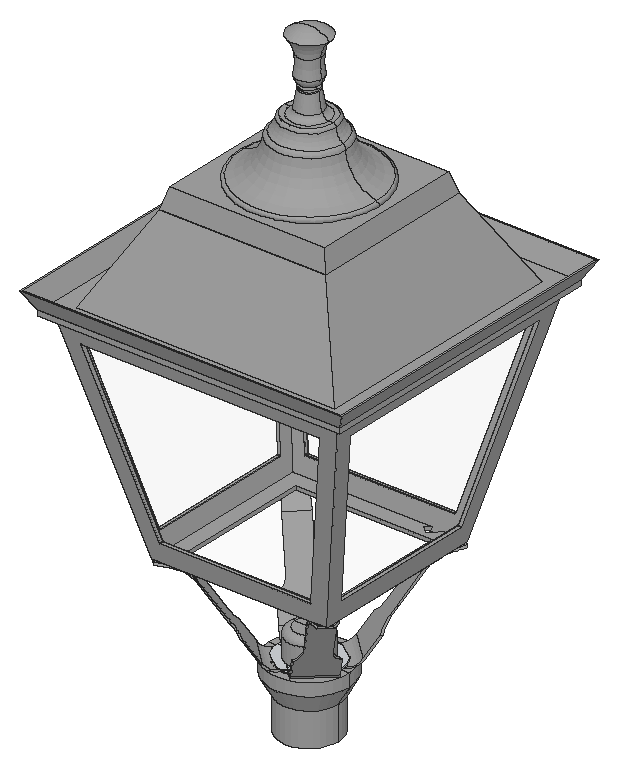
Revit family "PPT", category Lighting Fixtures, Revit 2020 (continued)
Definition of nested family "PPT top"
  Definition of nested family "Family1"
    Automatic sketch dimensions
      Revolve 10 sketch curve to plane 8 = 0.02764"
      Revolve 11 sketch curve to plane 9 = 0.00"  (x2)
      Revolve 11 sketch curve to plane 3 "Center (Left/Right)" = 0.62888"
      Revolve 11 sketch curve to Revolve 11 sketch curve = 0.275"
      Revolve 11 sketch curve to Revolve 11 sketch curve = 0.00"
      Revolve 11 sketch curve to plane 8 = 0.02764"
      Revolve 12 sketch curve to plane 9 = 0.00"  (x2)
      Revolve 12 sketch curve to plane 3 "Center (Left/Right)" = 0.22263"
      plane 3 "Center (Left/Right)" to Revolve 12 sketch curve = 0.05237"
      Revolve 12 sketch curve to Revolve 12 sketch curve = 0.00"
      Revolve 12 sketch curve to plane 8 = 0.02764"
      Revolve 13 sketch curve to plane 9 = 0.00"  (x2)
      Revolve 13 sketch curve to plane 3 "Center (Left/Right)" = 0.22263"
      plane 3 "Center (Left/Right)" to Revolve 13 sketch curve = 0.05237"
      Revolve 13 sketch curve to Revolve 13 sketch curve = 0.00"
      Revolve 13 sketch curve to plane 8 = 0.02764"
      Revolve 14 sketch curve to plane 9 = 0.00"  (x2)
      plane 3 "Center (Left/Right)" to Revolve 14 sketch curve = 0.16589"
      Revolve 14 sketch curve to Revolve 14 sketch curve = 0.275"
      Revolve 14 sketch curve to Revolve 14 sketch curve = 0.00"
      Revolve 14 sketch curve to plane 8 = 0.02764"
      Revolve 15 sketch curve to plane 9 = 0.00"  (x2)
      plane 3 "Center (Left/Right)" to Revolve 15 sketch curve = 0.55241"
      Revolve 15 sketch curve to Revolve 15 sketch curve = 0.275"
      Revolve 15 sketch curve to Revolve 15 sketch curve = 0.00"
      Revolve 15 sketch curve to plane 8 = 0.02764"
      Revolve 16 sketch curve to plane 9 = 0.00"  (x2)
      plane 3 "Center (Left/Right)" to Revolve 16 sketch curve = 0.55241"
      Revolve 16 sketch curve to Revolve 16 sketch curve = 0.275"
      Revolve 16 sketch curve to Revolve 16 sketch curve = 0.00"
      Revolve 16 sketch curve to plane 8 = 0.02764"
      Revolve 17 sketch curve to plane 9 = 0.00"  (x2)
      plane 3 "Center (Left/Right)" to Revolve 17 sketch curve = 0.95866"
      Revolve 17 sketch curve to Revolve 17 sketch curve = 0.275"
      Revolve 17 sketch curve to Revolve 17 sketch curve = 0.00"
      Revolve 17 sketch curve to plane 8 = 0.02764"
      Revolve 18 sketch curve to plane 9 = 0.00"  (x2)
      plane 3 "Center (Left/Right)" to Revolve 18 sketch curve = 1.36491"
      Revolve 18 sketch curve to Revolve 18 sketch curve = 0.275"
      Revolve 18 sketch curve to Revolve 18 sketch curve = 0.00"
      Revolve 18 sketch curve to plane 8 = 0.02764"
      Revolve 19 sketch curve to plane 9 = 0.00"  (x2)
      plane 3 "Center (Left/Right)" to Revolve 19 sketch curve = 1.36491"
      Revolve 19 sketch curve to Revolve 19 sketch curve = 0.275"
      Revolve 19 sketch curve to Revolve 19 sketch curve = 0.00"
      Revolve 19 sketch curve to plane 8 = 0.02764"
      Revolve 20 sketch curve to plane 9 = 0.00"  (x2)
      Revolve 20 sketch curve to plane 5 = 1.24658"
      Revolve 20 sketch curve to Revolve 20 sketch curve = 0.275"
      Revolve 20 sketch curve to Revolve 20 sketch curve = 0.00"
      Revolve 20 sketch curve to plane 8 = 0.02764"
      Revolve 21 sketch curve to plane 9 = 0.00"  (x2)
      Revolve 21 sketch curve to plane 5 = 0.8401"
      Revolve 21 sketch curve to Revolve 21 sketch curve = 0.275"
      Revolve 21 sketch curve to Revolve 21 sketch curve = 0.00"
      Revolve 21 sketch curve to plane 8 = 0.02764"
      Revolve 22 sketch curve to plane 9 = 0.00"  (x2)
      Revolve 22 sketch curve to plane 5 = 0.8401"
      Revolve 22 sketch curve to Revolve 22 sketch curve = 0.275"
      Revolve 22 sketch curve to Revolve 22 sketch curve = 0.00"
      Revolve 22 sketch curve to plane 8 = 0.02764"
      Sweep 2 sketch curve to profile plane = 0.00"
      profile plane to Sweep 2 sketch curve = 0.19685"
      level to Sweep 2 sketch curve = 0.13179"
      Sweep 2 sketch curve to Sweep 2 sketch curve = 0.17121"
Types (10): name | Wattage | WATTS | built-in parameter 1150134 | Replaces/Equiv.(HPS) | Photometric Web File | Order number | Model | built-in parameter 1150105 | Lumens | built-in parameter 1150107 | built-in parameter 1150106 | Apparent Load
  (no name) | 21.8793 W | 29 W | (empty or 0) | "150W" | "PPT30301-P1-V_IESNA95.IES" | "13912" | "PPT30301-P1-V" | 258.63 (stored number, unit not read) | 3250 lm | 3000 (stored number, unit not read) | 2.5863 (stored number, unit not read) | 36.25 VA
  PPT30301-P1-V | 21.8793 W | 29 W | (empty or 0) | "150W" | "PPT30301-P1-V_IESNA95.IES" | "13912" | "PPT30301-P1-V" | 258.63 (stored number, unit not read) | 3250 lm | 3000 (stored number, unit not read) | 2.5863 (stored number, unit not read) | 36.25 VA
  PPT30401-P1-V | 21.8793 W | 29 W | 12 | "150W" | "PPT30401-V(G).IES" | "13913" | "PPT30401-P1-V" | 258.63 (stored number, unit not read) | 3250 lm | 4000 (stored number, unit not read) | 2.5863 (stored number, unit not read) | 36.25 VA
  PPT30501-P1-V | 21.8793 W | 29 W | 2 | "150W" | "PPT30501-V(G).IES" | "13914" | "PPT30501-P1-V" | 258.63 (stored number, unit not read) | 3250 lm | 5000 (stored number, unit not read) | 2.5863 (stored number, unit not read) | 36.25 VA
  PPT50301-P1-V | 38.7096 W | 50 W | (empty or 0) | "175W" | 0.00" | "13915" | "PPT50301-P1-V" | 2573 (stored number, unit not read) | 5750 lm | 3000 (stored number, unit not read) | 25.73 (stored number, unit not read) | 62.5 VA
  PPT50401-P1-V | 38.7096 W | 50 W | 12 | "175W" | "PPT50401-V(G).IES" | "13916" | "PPT50401-P1-V" | 2573 (stored number, unit not read) | 5750 lm | 4000 (stored number, unit not read) | 25.73 (stored number, unit not read) | 62.5 VA
  PPT50501-P1-V | 38.7096 W | 50 W | 2 | "175W" | "PPT50501-V(G).IES" | "13917" | "PPT50501-P1-V" | 2573 (stored number, unit not read) | 5750 lm | 5000 (stored number, unit not read) | 25.73 (stored number, unit not read) | 62.5 VA
  PPT75301-P1-V | 58.8386 W | 76 W | (empty or 0) | "250W" | 0.00" | "13918" | "PPT75301-P1-V" | 3763.9 (stored number, unit not read) | 8740 lm | 3000 (stored number, unit not read) | 37.639 (stored number, unit not read) | 95 VA
  PPT75401-P1-V | 58.8386 W | 76 W | 12 | "250W" | "PPT75401-V(G).IES" | "13919" | "PPT75401-P1-V" | 3763.9 (stored number, unit not read) | 8740 lm | 4000 (stored number, unit not read) | 37.639 (stored number, unit not read) | 95 VA
  PPT75501-P1-V | 58.8386 W | 76 W | 2 | "250W" | "PPT75501-V(G).IES" | "13920" | "PPT75501-P1-V" | 3763.9 (stored number, unit not read) | 8740 lm | 5000 (stored number, unit not read) | 37.639 (stored number, unit not read) | 95 VA
